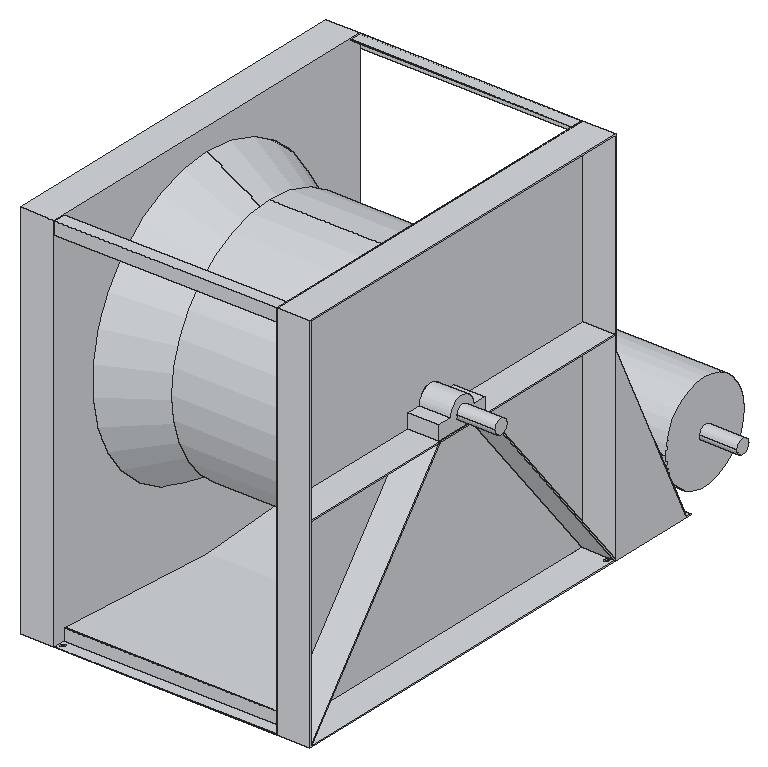
Revit family "PLC_ARR_3S", category Mechanical Equipment, Revit 2019
Family settings
  Round Connector Dimension = Use Diameter
  Part Type = Normal
  Work Plane-Based = No
  Always vertical = Yes
  Cut with Voids When Loaded = No
  Shared = No
  Room Calculation Point = No
Parameters (values of type "730_PLC_CLASS_2_3S")
  Unit Weight [instance] = ""
  Sones [instance] = ""
  P = 0' - 1 1/2"
  N = 5' - 8 1/2"
  ModelID [instance] = ""
  MOTOR_HEIGHT = 1' - 11 1/2"
  MOTOR_BASE = 1' - 10"
  MH/2 = MOTOR_HEIGHT / 2  # 0' - 11 3/4"
  MB/2 = MOTOR_BASE / 2  # 0' - 11"
  M*2 = M * 2  # 0' - 6 7/8"
  L/2 = L / 2  # 0' - 0 17/32"
  K-F = K - F  # 0' - 9 1/8"
  Accessories [instance] = ""
  -F/2 = -F / 2  # -2' - 10 7/8"
  F-H-H = F - H - H  # 4' - 5 1/2"
  Motor RPM [instance] = ""
  Motor Enclosure [instance] = ""
  M/2 = M / 2  # 0' - 1 23/32"
  M = 0' - 3 7/16"
  LwA [instance] = ""
  L = 0' - 1 1/16"
  K = 6' - 6 7/8"
  J = 0' - 9 1/4"
  H-.125" = H - 0' 0 1/8"  # 0' - 8"
  H = 0' - 8 1/8"
  G = 4' - 11 3/8"
  Fan RPM [instance] = ""
  F = 5' - 9 3/4"
  E = 3' - 8 11/16"
  D = B / 2  # 3' - 10"
  C/2 = C / 2  # 2' - 2 1/8"
  C-M = C - M  # 4' - 0 13/16"
  C*.66 = C * 0.66  # 2' - 10.485"
  C*.2 = C * 0.3  # 1' - 3.675"
  C = 4' - 4 1/4"
  B/2 = B / 2  # 3' - 10"
  B = 7' - 8"
  A/2 = A / 2  # 3' - 10"
  A = 7' - 8"
  60 = 60.00°  # constant formula
  3" = 0' - 3"  # constant formula
  Brake Hp [instance] = ""
  4" = 0' - 4"  # constant formula
  25 = 25.00°  # constant formula
  2' = 2' - 0"
  2" = 0' - 2"  # constant formula
  120 = 90.00°
  1" = 0' - 1"  # constant formula
  0 = 0' - 0"  # constant formula
  Voltage [instance] = 0 V
  URL = "www.lorencook.com"
  Type Comments = "Centrifugal Plenum Fan Side Mount Arrangement 3S Class 2"
  Static Pressure [instance] = 0.00 in-wg
  Power [instance] = Voltage * Motor FLA * sqrt(if(Phase = 3, 3, 1))  # 0 VA
  Phase [instance] = 0
  Number of Poles [instance] = 1
  Motor Hp [instance] = "0"
  Motor FLA [instance] = 0 A
  Model = "PLC Arrangement 3S"  # constant formula
  Manufacturer = "Loren Cook Company"
  CFM [instance] = 0 CFM
  1.5 = 0' - 1 1/2"  # constant formula
  ONE EIGTH = 0' - 0 1/8"  # constant formula
  -H+.375" = -H + 0' 0 3/8"  # -0' - 7 3/4"
  -F = -F  # -5' - 9 3/4"
  -(H-.125") = -(H - 0' 0 1/8")  # -0' - 8"
Types (41): name | P | N | MOTOR_HEIGHT | MOTOR_BASE | MH/2 | MB/2 | M*2 | L/2 | K-F | -F/2 | F-H-H | M/2 | M | L | K | J | H-.125" | H | G | F | E | D | C/2 | C-M | C*.66 | C*.2 | C | B/2 | B | A/2 | A | Type Comments | -H+.375" | -F | -(H-.125")
  (no name) | 0' - 1 1/2" | 5' - 8 1/2" | 1' - 11 1/2" | 1' - 10" | 0' - 11 3/4" | 0' - 11" | 0' - 6 7/8" | 0' - 0 17/32" | 0' - 9 1/8" | -2' - 10 7/8" | 4' - 5 1/2" | 0' - 1 23/32" | 0' - 3 7/16" | 0' - 1 1/16" | 6' - 6 7/8" | 0' - 9 1/4" | 0' - 8" | 0' - 8 1/8" | 4' - 11 3/8" | 5' - 9 3/4" | 3' - 8 11/16" | 3' - 10" | 2' - 2 1/8" | 4' - 0 13/16" | 2' - 10.485" | 1' - 3.675" | 4' - 4 1/4" | 3' - 10" | 7' - 8" | 3' - 10" | 7' - 8" | "Centrifugal Plenum Fan Side Mount Arrangement 3S Class 2" | -0' - 7 3/4" | -5' - 9 3/4" | -0' - 8"
  120_PLC_CLASS_1_3S | 0' - 0 5/8" | 1' - 4 3/4" | 0' - 10 1/2" | 0' - 10 1/2" | 0' - 5 1/4" | 0' - 5 1/4" | 0' - 2 3/8" | 0' - 0 5/16" | 0' - 3 7/8" | -0' - 6 17/32" | 0' - 9 7/16" | 0' - 0 19/32" | 0' - 1 3/16" | 0' - 0 5/8" | 1' - 4 15/16" | 0' - 2 13/16" | 0' - 1 11/16" | 0' - 1 13/16" | 0' - 7 7/16" | 1' - 1 1/16" | 0' - 7 11/16" | 0' - 8 5/8" | 0' - 4 5/16" | 0' - 7 7/16" | 0' - 5.6925" | 0' - 2.5875" | 0' - 8 5/8" | 0' - 8 5/8" | 1' - 5 1/4" | 0' - 8 5/8" | 1' - 5 1/4" | "Centrifugal Plenum Fan Side Mount Arrangement 3S Class 1" | -0' - 1 7/16" | -1' - 1 1/16" | -0' - 1 11/16"
  135_PLC_CLASS_1_3S | 0' - 0 5/8" | 1' - 6 5/8" | 0' - 10 1/2" | 0' - 10 1/2" | 0' - 5 1/4" | 0' - 5 1/4" | 0' - 2 3/8" | 0' - 0 5/16" | 0' - 3 7/8" | -0' - 7 5/16" | 0' - 10 1/2" | 0' - 0 19/32" | 0' - 1 3/16" | 0' - 0 5/8" | 1' - 6 1/2" | 0' - 3 1/16" | 0' - 1 15/16" | 0' - 2 1/16" | 0' - 8 1/2" | 1' - 2 5/8" | 0' - 8 13/16" | 0' - 9 3/4" | 0' - 4 7/8" | 0' - 8 9/16" | 0' - 6.435" | 0' - 2.925" | 0' - 9 3/4" | 0' - 9 3/4" | 1' - 7 1/2" | 0' - 9 3/4" | 1' - 7 1/2" | "Centrifugal Plenum Fan Side Mount Arrangement 3S Class 1" | -0' - 1 11/16" | -1' - 2 5/8" | -0' - 1 15/16"
  150_PLC_CLASS_1_3S | 0' - 0 5/8" | 1' - 8 1/8" | 0' - 10 1/2" | 0' - 10 1/2" | 0' - 5 1/4" | 0' - 5 1/4" | 0' - 2 3/8" | 0' - 0 5/16" | 0' - 3 7/8" | -0' - 7 25/32" | 0' - 11 7/16" | 0' - 0 19/32" | 0' - 1 3/16" | 0' - 0 5/8" | 1' - 7 7/16" | 0' - 3 1/16" | 0' - 1 15/16" | 0' - 2 1/16" | 0' - 9 7/16" | 1' - 3 9/16" | 0' - 9 13/16" | 0' - 10 3/4" | 0' - 5 3/8" | 0' - 9 9/16" | 0' - 7.095" | 0' - 3.225" | 0' - 10 3/4" | 0' - 10 3/4" | 1' - 9 1/2" | 0' - 10 3/4" | 1' - 9 1/2" | "Centrifugal Plenum Fan Side Mount Arrangement 3S Class 1" | -0' - 1 11/16" | -1' - 3 9/16" | -0' - 1 15/16"
  165_PLC_CLASS_1_3S | 0' - 0 5/8" | 1' - 9 3/4" | 0' - 10 1/2" | 0' - 10 1/2" | 0' - 5 1/4" | 0' - 5 1/4" | 0' - 2 3/8" | 0' - 0 5/16" | 0' - 3 7/8" | -0' - 8 3/8" | 1' - 0 5/8" | 0' - 0 19/32" | 0' - 1 3/16" | 0' - 0 5/8" | 1' - 8 5/8" | 0' - 3 1/16" | 0' - 1 15/16" | 0' - 2 1/16" | 0' - 10 5/8" | 1' - 4 3/4" | 0' - 10 15/16" | 0' - 11 7/8" | 0' - 5 15/16" | 0' - 10 11/16" | 0' - 7.8375" | 0' - 3 9/16" | 0' - 11 7/8" | 0' - 11 7/8" | 1' - 11 3/4" | 0' - 11 7/8" | 1' - 11 3/4" | "Centrifugal Plenum Fan Side Mount Arrangement 3S Class 1" | -0' - 1 11/16" | -1' - 4 3/4" | -0' - 1 15/16"
  180_PLC_CLASS_1_3S | 0' - 0 5/8" | 1' - 11 1/4" | 0' - 10 1/2" | 0' - 10 1/2" | 0' - 5 1/4" | 0' - 5 1/4" | 0' - 2 7/8" | 0' - 0 5/16" | 0' - 4 1/8" | -0' - 9 15/16" | 1' - 1 3/4" | 0' - 0 23/32" | 0' - 1 7/16" | 0' - 0 5/8" | 2' - 0" | 0' - 4 1/16" | 0' - 2 15/16" | 0' - 3 1/16" | 0' - 11 3/4" | 1' - 7 7/8" | 1' - 0" | 1' - 0 7/8" | 0' - 6 7/16" | 0' - 11 7/16" | 0' - 8.4975" | 0' - 3.8625" | 1' - 0 7/8" | 1' - 0 7/8" | 2' - 1 3/4" | 1' - 0 7/8" | 2' - 1 3/4" | "Centrifugal Plenum Fan Side Mount Arrangement 3S Class 1" | -0' - 2 11/16" | -1' - 7 7/8" | -0' - 2 15/16"
  195_PLC_CLASS_1_3S | 0' - 0 5/8" | 2' - 1" | 1' - 0 5/8" | 1' - 0 5/8" | 0' - 6 5/16" | 0' - 6 5/16" | 0' - 2 7/8" | 0' - 0 5/16" | 0' - 4 1/8" | -0' - 10 1/2" | 1' - 2 7/8" | 0' - 0 23/32" | 0' - 1 7/16" | 0' - 0 5/8" | 2' - 1 1/8" | 0' - 4 1/16" | 0' - 2 15/16" | 0' - 3 1/16" | 1' - 0 7/8" | 1' - 9" | 1' - 1 1/8" | 1' - 2" | 0' - 7" | 1' - 0 9/16" | 0' - 9.24" | 0' - 4.2" | 1' - 2" | 1' - 2" | 2' - 4" | 1' - 2" | 2' - 4" | "Centrifugal Plenum Fan Side Mount Arrangement 3S Class 1" | -0' - 2 11/16" | -1' - 9" | -0' - 2 15/16"
  210_PLC_CLASS_1_3S | 0' - 1" | 2' - 2 1/2" | 1' - 0 5/8" | 1' - 0 5/8" | 0' - 6 5/16" | 0' - 6 5/16" | 0' - 2 7/8" | 0' - 0 5/16" | 0' - 4 1/8" | -0' - 11 1/32" | 1' - 3 15/16" | 0' - 0 23/32" | 0' - 1 7/16" | 0' - 0 5/8" | 2' - 2 3/16" | 0' - 4 1/16" | 0' - 2 15/16" | 0' - 3 1/16" | 1' - 1 15/16" | 1' - 10 1/16" | 1' - 2 1/8" | 1' - 3" | 0' - 7 1/2" | 1' - 1 9/16" | 0' - 9.9" | 0' - 4 1/2" | 1' - 3" | 1' - 3" | 2' - 6" | 1' - 3" | 2' - 6" | "Centrifugal Plenum Fan Side Mount Arrangement 3S Class 1" | -0' - 2 11/16" | -1' - 10 1/16" | -0' - 2 15/16"
  225_PLC_CLASS_1_3S | 0' - 1" | 2' - 4 1/8" | 1' - 0 5/8" | 1' - 0 5/8" | 0' - 6 5/16" | 0' - 6 5/16" | 0' - 2 7/8" | 0' - 0 5/16" | 0' - 4 1/8" | -0' - 11 17/32" | 1' - 4 15/16" | 0' - 0 23/32" | 0' - 1 7/16" | 0' - 0 5/8" | 2' - 3 3/16" | 0' - 4 1/16" | 0' - 2 15/16" | 0' - 3 1/16" | 1' - 2 15/16" | 1' - 11 1/16" | 1' - 3 5/16" | 1' - 4 1/8" | 0' - 8 1/16" | 1' - 2 11/16" | 0' - 10.6425" | 0' - 4.8375" | 1' - 4 1/8" | 1' - 4 1/8" | 2' - 8 1/4" | 1' - 4 1/8" | 2' - 8 1/4" | "Centrifugal Plenum Fan Side Mount Arrangement 3S Class 1" | -0' - 2 11/16" | -1' - 11 1/16" | -0' - 2 15/16"
  245_PLC_CLASS_1_3S | 0' - 1" | 2' - 6 1/8" | 1' - 0 5/8" | 1' - 0 5/8" | 0' - 6 5/16" | 0' - 6 5/16" | 0' - 2 7/8" | 0' - 0 5/16" | 0' - 4 1/4" | -1' - 0 1/4" | 1' - 6 3/8" | 0' - 0 23/32" | 0' - 1 7/16" | 0' - 0 5/8" | 2' - 4 3/4" | 0' - 4 5/16" | 0' - 2 15/16" | 0' - 3 1/16" | 1' - 3 7/8" | 2' - 0 1/2" | 1' - 4 7/16" | 1' - 5 1/2" | 0' - 8 3/4" | 1' - 4 1/16" | 0' - 11.55" | 0' - 5 1/4" | 1' - 5 1/2" | 1' - 5 1/2" | 2' - 11" | 1' - 5 1/2" | 2' - 11" | "Centrifugal Plenum Fan Side Mount Arrangement 3S Class 1" | -0' - 2 11/16" | -2' - 0 1/2" | -0' - 2 15/16"
  270_PLC_CLASS_1_3S | 0' - 1" | 2' - 10 1/2" | 1' - 2" | 1' - 2" | 0' - 7" | 0' - 7" | 0' - 2 7/8" | 0' - 0 5/16" | 0' - 4 1/4" | -1' - 1 23/32" | 1' - 8 5/16" | 0' - 0 23/32" | 0' - 1 7/16" | 0' - 0 5/8" | 2' - 7 11/16" | 0' - 4 13/16" | 0' - 3 7/16" | 0' - 3 9/16" | 1' - 5 13/16" | 2' - 3 7/16" | 1' - 6 5/16" | 1' - 7 3/8" | 0' - 9 11/16" | 1' - 5 15/16" | 1' - 0.7875" | 0' - 5 13/16" | 1' - 7 3/8" | 1' - 7 3/8" | 3' - 2 3/4" | 1' - 7 3/8" | 3' - 2 3/4" | "Centrifugal Plenum Fan Side Mount Arrangement 3S Class 1" | -0' - 3 3/16" | -2' - 3 7/16" | -0' - 3 7/16"
  300_PLC_CLASS_1_3S | 0' - 1" | 2' - 11 5/8" | 1' - 2" | 1' - 2" | 0' - 7" | 0' - 7" | 0' - 3 3/8" | 0' - 0 5/16" | 0' - 4 3/8" | -1' - 2 3/4" | 1' - 10 3/8" | 0' - 0 27/32" | 0' - 1 11/16" | 0' - 0 5/8" | 2' - 9 7/8" | 0' - 5 1/16" | 0' - 3 7/16" | 0' - 3 9/16" | 1' - 7 3/8" | 2' - 5 1/2" | 1' - 8 3/16" | 1' - 9 1/2" | 0' - 10 3/4" | 1' - 7 13/16" | 1' - 2.19" | 0' - 6.45" | 1' - 9 1/2" | 1' - 9 1/2" | 3' - 7" | 1' - 9 1/2" | 3' - 7" | "Centrifugal Plenum Fan Side Mount Arrangement 3S Class 1" | -0' - 3 3/16" | -2' - 5 1/2" | -0' - 3 7/16"
  330_PLC_CLASS_1_3S | 0' - 1" | 3' - 1 5/8" | 1' - 0 5/8" | 1' - 0 5/8" | 0' - 6 5/16" | 0' - 6 5/16" | 0' - 3 7/8" | 0' - 0 15/32" | 0' - 4 5/8" | -1' - 4 3/32" | 2' - 1 1/16" | 0' - 0 31/32" | 0' - 1 15/16" | 0' - 0 15/16" | 3' - 0 13/16" | 0' - 4 11/16" | 0' - 3 7/16" | 0' - 3 9/16" | 2' - 2 3/8" | 2' - 8 3/16" | 1' - 10 5/16" | 1' - 11" | 0' - 11 13/16" | 1' - 9 11/16" | 1' - 3.5925" | 0' - 7.0875" | 1' - 11 5/8" | 1' - 11" | 3' - 10" | 2' - 0 3/4" | 4' - 1 1/2" | "Centrifugal Plenum Fan Side Mount Arrangement 3S Class 1" | -0' - 3 3/16" | -2' - 8 3/16" | -0' - 3 7/16"
  365_PLC_CLASS_1_3S | 0' - 1" | 3' - 4" | 1' - 0 5/8" | 1' - 0 5/8" | 0' - 6 5/16" | 0' - 6 5/16" | 0' - 3 7/8" | 0' - 0 15/32" | 0' - 4 3/4" | -1' - 5 9/32" | 2' - 3 7/16" | 0' - 0 31/32" | 0' - 1 15/16" | 0' - 0 15/16" | 3' - 3 5/16" | 0' - 4 11/16" | 0' - 3 7/16" | 0' - 3 9/16" | 2' - 4 3/4" | 2' - 10 9/16" | 1' - 11 13/16" | 2' - 0 1/2" | 1' - 1 1/16" | 2' - 0 3/16" | 1' - 5.2425" | 0' - 7.8375" | 2' - 2 1/8" | 2' - 0 1/2" | 4' - 1" | 2' - 2 3/4" | 4' - 5 1/2" | "Centrifugal Plenum Fan Side Mount Arrangement 3S Class 1" | -0' - 3 3/16" | -2' - 10 9/16" | -0' - 3 7/16"
  402_PLC_CLASS_1_3S | 0' - 1" | 3' - 7 7/8" | 1' - 2" | 1' - 2" | 0' - 7" | 0' - 7" | 0' - 4 7/8" | 0' - 0 15/32" | 0' - 5" | -1' - 7 23/32" | 2' - 6 5/16" | 0' - 1 7/32" | 0' - 2 7/16" | 0' - 0 15/16" | 3' - 8 7/16" | 0' - 5 11/16" | 0' - 4 7/16" | 0' - 4 9/16" | 2' - 8 5/8" | 3' - 3 7/16" | 2' - 2 1/4" | 2' - 3" | 1' - 2 3/8" | 2' - 2 5/16" | 1' - 6.975" | 0' - 8 5/8" | 2' - 4 3/4" | 2' - 3" | 4' - 6" | 2' - 6" | 5' - 0" | "Centrifugal Plenum Fan Side Mount Arrangement 3S Class 1" | -0' - 4 3/16" | -3' - 3 7/16" | -0' - 4 7/16"
  445_PLC_CLASS_1_3S | 0' - 1" | 3' - 11 1/8" | 1' - 4" | 1' - 4" | 0' - 8" | 0' - 8" | 0' - 4 7/8" | 0' - 0 15/32" | 0' - 5 1/8" | -1' - 9 1/2" | 2' - 8 7/8" | 0' - 1 7/32" | 0' - 2 7/16" | 0' - 0 15/16" | 4' - 0 1/8" | 0' - 6 1/4" | 0' - 4 15/16" | 0' - 5 1/16" | 2' - 11 5/8" | 3' - 7" | 2' - 4 1/2" | 2' - 5 1/4" | 1' - 3 15/16" | 2' - 5 7/16" | 1' - 9.0375" | 0' - 9 9/16" | 2' - 7 7/8" | 2' - 5 1/4" | 4' - 10 1/2" | 2' - 8" | 5' - 4" | "Centrifugal Plenum Fan Side Mount Arrangement 3S Class 1" | -0' - 4 11/16" | -3' - 7" | -0' - 4 15/16"
  490_PLC_CLASS_1_3S | 0' - 1" | 4' - 2 3/8" | 1' - 4" | 1' - 4" | 0' - 8" | 0' - 8" | 0' - 4 7/8" | 0' - 0 15/32" | 0' - 5 3/8" | -1' - 11 5/8" | 3' - 1 1/8" | 0' - 1 7/32" | 0' - 2 7/16" | 0' - 0 15/16" | 4' - 4 5/8" | 0' - 6 1/4" | 0' - 4 15/16" | 0' - 5 1/16" | 3' - 3 7/8" | 3' - 11 1/4" | 2' - 6 5/8" | 2' - 7 1/2" | 1' - 5 1/2" | 2' - 8 9/16" | 1' - 11.1" | 0' - 10 1/2" | 2' - 11" | 2' - 7 1/2" | 5' - 3" | 2' - 11" | 5' - 10" | "Centrifugal Plenum Fan Side Mount Arrangement 3S Class 1" | -0' - 4 11/16" | -3' - 11 1/4" | -0' - 4 15/16"
  540_PLC_CLASS_1_3S | 0' - 1 1/4" | 4' - 6 1/4" | 1' - 4" | 1' - 4" | 0' - 8" | 0' - 8" | 0' - 4 7/8" | 0' - 0 17/32" | 0' - 5 5/8" | -2' - 1 7/16" | 3' - 4 5/8" | 0' - 1 7/32" | 0' - 2 7/16" | 0' - 1 1/16" | 4' - 8 1/2" | 0' - 6 1/4" | 0' - 5" | 0' - 5 1/8" | 3' - 7 1/2" | 4' - 2 7/8" | 2' - 9 5/8" | 2' - 10 1/2" | 1' - 7 5/16" | 3' - 0 3/16" | 2' - 1.4925" | 0' - 11.5875" | 3' - 2 5/8" | 2' - 10 1/2" | 5' - 9" | 3' - 1 1/2" | 6' - 3" | "Centrifugal Plenum Fan Side Mount Arrangement 3S Class 1" | -0' - 4 3/4" | -4' - 2 7/8" | -0' - 5"
  600_PLC_CLASS_1_3S | 0' - 1 1/4" | 4' - 9 7/8" | 1' - 6" | 1' - 6" | 0' - 9" | 0' - 9" | 0' - 5 3/8" | 0' - 0 17/32" | 0' - 4" | -2' - 5 1/8" | 3' - 10" | 0' - 1 11/32" | 0' - 2 11/16" | 0' - 1 1/16" | 5' - 2 1/4" | 0' - 7 1/4" | 0' - 6" | 0' - 6 1/8" | 3' - 11 7/8" | 4' - 10 1/4" | 3' - 0 5/8" | 3' - 1 1/2" | 1' - 9 7/16" | 3' - 4 3/16" | 2' - 4.2975" | 1' - 0.8625" | 3' - 6 7/8" | 3' - 1 1/2" | 6' - 3" | 3' - 5" | 6' - 10" | "Centrifugal Plenum Fan Side Mount Arrangement 3S Class 1" | -0' - 5 3/4" | -4' - 10 1/4" | -0' - 6"
  660_PLC_CLASS_1_3S | 0' - 1 1/2" | 5' - 2 7/8" | 1' - 6" | 1' - 6" | 0' - 9" | 0' - 9" | 0' - 5 7/8" | 0' - 0 17/32" | 0' - 6 5/8" | -2' - 7 27/32" | 4' - 1 7/16" | 0' - 1 15/32" | 0' - 2 15/16" | 0' - 1 1/16" | 5' - 10 5/16" | 0' - 8 1/4" | 0' - 7" | 0' - 7 1/8" | 4' - 6 5/16" | 5' - 3 11/16" | 3' - 4" | 3' - 5" | 1' - 11 5/8" | 3' - 8 5/16" | 2' - 7.185" | 1' - 2.175" | 3' - 11 1/4" | 3' - 5" | 6' - 10" | 3' - 9" | 7' - 6" | "Centrifugal Plenum Fan Side Mount Arrangement 3S Class 1" | -0' - 6 3/4" | -5' - 3 11/16" | -0' - 7"
  730_PLC_CLASS_1_3S | 0' - 1 1/2" | 5' - 8 1/2" | 1' - 11 1/2" | 1' - 10" | 0' - 11 3/4" | 0' - 11" | 0' - 6 7/8" | 0' - 0 17/32" | 0' - 7 1/4" | -2' - 10 27/32" | 4' - 5 7/16" | 0' - 1 23/32" | 0' - 3 7/16" | 0' - 1 1/16" | 6' - 4 15/16" | 0' - 9 1/4" | 0' - 8" | 0' - 8 1/8" | 4' - 11 5/16" | 5' - 9 11/16" | 3' - 9" | 3' - 10" | 2' - 2 1/8" | 4' - 0 13/16" | 2' - 10.485" | 1' - 3.675" | 4' - 4 1/4" | 3' - 10" | 7' - 8" | 3' - 10" | 7' - 8" | "Centrifugal Plenum Fan Side Mount Arrangement 3S Class 1" | -0' - 7 3/4" | -5' - 9 11/16" | -0' - 8"
  120_PLC_CLASS_2_3S | 0' - 0 5/8" | 1' - 4 3/4" | 0' - 10 1/2" | 0' - 10 1/2" | 0' - 5 1/4" | 0' - 5 1/4" | 0' - 2 7/8" | 0' - 0 5/16" | 0' - 4 1/4" | -0' - 6 17/32" | 0' - 9 7/16" | 0' - 0 23/32" | 0' - 1 7/16" | 0' - 0 5/8" | 1' - 5 5/16" | 0' - 2 13/16" | 0' - 1 11/16" | 0' - 1 13/16" | 0' - 7 7/16" | 1' - 1 1/16" | 0' - 7 11/16" | 0' - 8 5/8" | 0' - 4 5/16" | 0' - 7 3/16" | 0' - 5.6925" | 0' - 2.5875" | 0' - 8 5/8" | 0' - 8 5/8" | 1' - 5 1/4" | 0' - 8 5/8" | 1' - 5 1/4" | "Centrifugal Plenum Fan Side Mount Arrangement 3S Class 2" | -0' - 1 7/16" | -1' - 1 1/16" | -0' - 1 11/16"
  135_PLC_CLASS_2_3S | 0' - 0 5/8" | 1' - 6 5/8" | 0' - 10 1/2" | 0' - 10 1/2" | 0' - 5 1/4" | 0' - 5 1/4" | 0' - 2 7/8" | 0' - 0 5/16" | 0' - 4 1/4" | -0' - 7 5/16" | 0' - 10 1/2" | 0' - 0 23/32" | 0' - 1 7/16" | 0' - 0 5/8" | 1' - 6 7/8" | 0' - 3 1/16" | 0' - 1 15/16" | 0' - 2 1/16" | 0' - 8 1/2" | 1' - 2 5/8" | 0' - 8 13/16" | 0' - 9 3/4" | 0' - 4 7/8" | 0' - 8 5/16" | 0' - 6.435" | 0' - 2.925" | 0' - 9 3/4" | 0' - 9 3/4" | 1' - 7 1/2" | 0' - 9 3/4" | 1' - 7 1/2" | "Centrifugal Plenum Fan Side Mount Arrangement 3S Class 2" | -0' - 1 11/16" | -1' - 2 5/8" | -0' - 1 15/16"
  150_PLC_CLASS_2_3S | 0' - 0 5/8" | 1' - 8 1/8" | 0' - 10 1/2" | 0' - 10 1/2" | 0' - 5 1/4" | 0' - 5 1/4" | 0' - 2 7/8" | 0' - 0 5/16" | 0' - 4 1/4" | -0' - 7 25/32" | 0' - 11 7/16" | 0' - 0 23/32" | 0' - 1 7/16" | 0' - 0 5/8" | 1' - 7 13/16" | 0' - 3 1/16" | 0' - 1 15/16" | 0' - 2 1/16" | 0' - 9 7/16" | 1' - 3 9/16" | 0' - 9 13/16" | 0' - 10 3/4" | 0' - 5 3/8" | 0' - 9 5/16" | 0' - 7.095" | 0' - 3.225" | 0' - 10 3/4" | 0' - 10 3/4" | 1' - 9 1/2" | 0' - 10 3/4" | 1' - 9 1/2" | "Centrifugal Plenum Fan Side Mount Arrangement 3S Class 2" | -0' - 1 11/16" | -1' - 3 9/16" | -0' - 1 15/16"
  165_PLC_CLASS_2_3S | 0' - 0 5/8" | 1' - 9 3/4" | 0' - 10 1/2" | 0' - 10 1/2" | 0' - 5 1/4" | 0' - 5 1/4" | 0' - 2 7/8" | 0' - 0 5/16" | 0' - 4 1/4" | -0' - 8 3/8" | 1' - 0 5/8" | 0' - 0 23/32" | 0' - 1 7/16" | 0' - 0 5/8" | 1' - 9" | 0' - 3 1/16" | 0' - 1 15/16" | 0' - 2 1/16" | 0' - 10 5/8" | 1' - 4 3/4" | 0' - 10 15/16" | 0' - 11 7/8" | 0' - 5 15/16" | 0' - 10 7/16" | 0' - 7.8375" | 0' - 3 9/16" | 0' - 11 7/8" | 0' - 11 7/8" | 1' - 11 3/4" | 0' - 11 7/8" | 1' - 11 3/4" | "Centrifugal Plenum Fan Side Mount Arrangement 3S Class 2" | -0' - 1 11/16" | -1' - 4 3/4" | -0' - 1 15/16"
  180_PLC_CLASS_2_3S | 0' - 0 5/8" | 1' - 11 1/4" | 0' - 10 1/2" | 0' - 10 1/2" | 0' - 5 1/4" | 0' - 5 1/4" | 0' - 2 7/8" | 0' - 0 5/16" | 0' - 4 1/4" | -0' - 9 15/16" | 1' - 1 3/4" | 0' - 0 23/32" | 0' - 1 7/16" | 0' - 0 5/8" | 2' - 0 1/8" | 0' - 4 1/16" | 0' - 2 15/16" | 0' - 3 1/16" | 0' - 11 3/4" | 1' - 7 7/8" | 1' - 0" | 1' - 0 7/8" | 0' - 6 7/16" | 0' - 11 7/16" | 0' - 8.4975" | 0' - 3.8625" | 1' - 0 7/8" | 1' - 0 7/8" | 2' - 1 3/4" | 1' - 0 7/8" | 2' - 1 3/4" | "Centrifugal Plenum Fan Side Mount Arrangement 3S Class 2" | -0' - 2 11/16" | -1' - 7 7/8" | -0' - 2 15/16"
  195_PLC_CLASS_2_3S | 0' - 0 5/8" | 2' - 1" | 1' - 0 5/8" | 1' - 0 5/8" | 0' - 6 5/16" | 0' - 6 5/16" | 0' - 2 7/8" | 0' - 0 5/16" | 0' - 4 1/4" | -0' - 10 1/2" | 1' - 2 7/8" | 0' - 0 23/32" | 0' - 1 7/16" | 0' - 0 5/8" | 2' - 1 1/4" | 0' - 4 1/16" | 0' - 2 15/16" | 0' - 3 1/16" | 1' - 0 7/8" | 1' - 9" | 1' - 1 1/8" | 1' - 2" | 0' - 7" | 1' - 0 9/16" | 0' - 9.24" | 0' - 4.2" | 1' - 2" | 1' - 2" | 2' - 4" | 1' - 2" | 2' - 4" | "Centrifugal Plenum Fan Side Mount Arrangement 3S Class 2" | -0' - 2 11/16" | -1' - 9" | -0' - 2 15/16"
  210_PLC_CLASS_2_3S | 0' - 1" | 2' - 2 1/2" | 1' - 0 5/8" | 1' - 0 5/8" | 0' - 6 5/16" | 0' - 6 5/16" | 0' - 2 7/8" | 0' - 0 5/16" | 0' - 4 3/8" | -0' - 11 1/32" | 1' - 3 15/16" | 0' - 0 23/32" | 0' - 1 7/16" | 0' - 0 5/8" | 2' - 2 7/16" | 0' - 4 1/16" | 0' - 2 15/16" | 0' - 3 1/16" | 1' - 1 15/16" | 1' - 10 1/16" | 1' - 2 1/8" | 1' - 3" | 0' - 7 1/2" | 1' - 1 9/16" | 0' - 9.9" | 0' - 4 1/2" | 1' - 3" | 1' - 3" | 2' - 6" | 1' - 3" | 2' - 6" | "Centrifugal Plenum Fan Side Mount Arrangement 3S Class 2" | -0' - 2 11/16" | -1' - 10 1/16" | -0' - 2 15/16"
  225_PLC_CLASS_2_3S | 0' - 1" | 2' - 4 1/8" | 1' - 0 5/8" | 1' - 0 5/8" | 0' - 6 5/16" | 0' - 6 5/16" | 0' - 3 3/8" | 0' - 0 5/16" | 0' - 4 3/8" | -0' - 11 17/32" | 1' - 4 15/16" | 0' - 0 27/32" | 0' - 1 11/16" | 0' - 0 5/8" | 2' - 3 7/16" | 0' - 4 1/16" | 0' - 2 15/16" | 0' - 3 1/16" | 1' - 2 15/16" | 1' - 11 1/16" | 1' - 3 5/16" | 1' - 4 1/8" | 0' - 8 1/16" | 1' - 2 7/16" | 0' - 10.6425" | 0' - 4.8375" | 1' - 4 1/8" | 1' - 4 1/8" | 2' - 8 1/4" | 1' - 4 1/8" | 2' - 8 1/4" | "Centrifugal Plenum Fan Side Mount Arrangement 3S Class 2" | -0' - 2 11/16" | -1' - 11 1/16" | -0' - 2 15/16"
  245_PLC_CLASS_2_3S | 0' - 1" | 2' - 6 1/8" | 1' - 0 5/8" | 1' - 0 5/8" | 0' - 6 5/16" | 0' - 6 5/16" | 0' - 3 7/8" | 0' - 0 5/16" | 0' - 4 1/2" | -1' - 0 1/4" | 1' - 6 3/8" | 0' - 0 31/32" | 0' - 1 15/16" | 0' - 0 5/8" | 2' - 5" | 0' - 4 5/16" | 0' - 2 15/16" | 0' - 3 1/16" | 1' - 3 7/8" | 2' - 0 1/2" | 1' - 4 7/16" | 1' - 5 1/2" | 0' - 8 3/4" | 1' - 3 9/16" | 0' - 11.55" | 0' - 5 1/4" | 1' - 5 1/2" | 1' - 5 1/2" | 2' - 11" | 1' - 5 1/2" | 2' - 11" | "Centrifugal Plenum Fan Side Mount Arrangement 3S Class 2" | -0' - 2 11/16" | -2' - 0 1/2" | -0' - 2 15/16"
  270_PLC_CLASS_2_3S | 0' - 1" | 2' - 10 1/2" | 1' - 2" | 1' - 2" | 0' - 7" | 0' - 7" | 0' - 3 7/8" | 0' - 0 5/16" | 0' - 4 5/8" | -1' - 1 23/32" | 1' - 8 5/16" | 0' - 0 31/32" | 0' - 1 15/16" | 0' - 0 5/8" | 2' - 8 1/16" | 0' - 4 13/16" | 0' - 3 7/16" | 0' - 3 9/16" | 1' - 5 13/16" | 2' - 3 7/16" | 1' - 6 5/16" | 1' - 7 3/8" | 0' - 9 11/16" | 1' - 5 7/16" | 1' - 0.7875" | 0' - 5 13/16" | 1' - 7 3/8" | 1' - 7 3/8" | 3' - 2 3/4" | 1' - 7 3/8" | 3' - 2 3/4" | "Centrifugal Plenum Fan Side Mount Arrangement 3S Class 2" | -0' - 3 3/16" | -2' - 3 7/16" | -0' - 3 7/16"
  300_PLC_CLASS_2_3S | 0' - 1" | 2' - 11 5/8" | 1' - 2" | 1' - 2" | 0' - 7" | 0' - 7" | 0' - 4 3/8" | 0' - 0 5/16" | 0' - 4 3/4" | -1' - 2 3/4" | 1' - 10 3/8" | 0' - 1 3/32" | 0' - 2 3/16" | 0' - 0 5/8" | 2' - 10 1/4" | 0' - 5 1/16" | 0' - 3 7/16" | 0' - 3 9/16" | 1' - 7 3/8" | 2' - 5 1/2" | 1' - 8 3/16" | 1' - 9 1/2" | 0' - 10 3/4" | 1' - 7 5/16" | 1' - 2.19" | 0' - 6.45" | 1' - 9 1/2" | 1' - 9 1/2" | 3' - 7" | 1' - 9 1/2" | 3' - 7" | "Centrifugal Plenum Fan Side Mount Arrangement 3S Class 2" | -0' - 3 3/16" | -2' - 5 1/2" | -0' - 3 7/16"
  330_PLC_CLASS_2_3S | 0' - 1" | 3' - 1 5/8" | 1' - 4" | 1' - 4" | 0' - 8" | 0' - 8" | 0' - 4 3/8" | 0' - 0 15/32" | 0' - 4 7/8" | -1' - 5 3/32" | 2' - 1 1/16" | 0' - 1 3/32" | 0' - 2 3/16" | 0' - 0 15/16" | 3' - 3 1/16" | 0' - 5 11/16" | 0' - 4 7/16" | 0' - 4 9/16" | 2' - 3 3/8" | 2' - 10 3/16" | 1' - 10 1/4" | 1' - 11" | 0' - 11 13/16" | 1' - 9 7/16" | 1' - 3.5925" | 0' - 7.0875" | 1' - 11 5/8" | 1' - 11" | 3' - 10" | 2' - 0 3/4" | 4' - 1 1/2" | "Centrifugal Plenum Fan Side Mount Arrangement 3S Class 2" | -0' - 4 3/16" | -2' - 10 3/16" | -0' - 4 7/16"
  365_PLC_CLASS_2_3S | 0' - 1" | 3' - 4" | 1' - 4" | 1' - 4" | 0' - 8" | 0' - 8" | 0' - 4 3/8" | 0' - 0 15/32" | 0' - 5" | -1' - 6 5/16" | 2' - 3 1/2" | 0' - 1 3/32" | 0' - 2 3/16" | 0' - 0 15/16" | 3' - 5 5/8" | 0' - 5 11/16" | 0' - 4 7/16" | 0' - 4 9/16" | 2' - 5 13/16" | 3' - 0 5/8" | 1' - 11 3/4" | 2' - 0 1/2" | 1' - 1 1/16" | 1' - 11 15/16" | 1' - 5.2425" | 0' - 7.8375" | 2' - 2 1/8" | 2' - 0 1/2" | 4' - 1" | 2' - 2 3/4" | 4' - 5 1/2" | "Centrifugal Plenum Fan Side Mount Arrangement 3S Class 2" | -0' - 4 3/16" | -3' - 0 5/8" | -0' - 4 7/16"
  402_PLC_CLASS_2_3S | 0' - 1" | 3' - 7 7/8" | 1' - 4" | 1' - 4" | 0' - 8" | 0' - 8" | 0' - 4 7/8" | 0' - 0 15/32" | 0' - 3 1/2" | -1' - 8 15/32" | 2' - 6 13/16" | 0' - 1 7/32" | 0' - 2 7/16" | 0' - 0 15/16" | 3' - 8 7/16" | 0' - 5 11/16" | 0' - 4 15/16" | 0' - 5 1/16" | 2' - 9 5/8" | 3' - 4 15/16" | 2' - 2 1/8" | 2' - 3" | 1' - 2 3/8" | 2' - 2 5/16" | 1' - 6.975" | 0' - 8 5/8" | 2' - 4 3/4" | 2' - 3" | 4' - 6" | 2' - 6" | 5' - 0" | "Centrifugal Plenum Fan Side Mount Arrangement 3S Class 2" | -0' - 4 11/16" | -3' - 4 15/16" | -0' - 4 15/16"
  445_PLC_CLASS_2_3S | 0' - 1" | 3' - 11 1/8" | 1' - 6" | 1' - 6" | 0' - 9" | 0' - 9" | 0' - 4 7/8" | 0' - 0 15/32" | 0' - 5 3/4" | -1' - 10 1/2" | 2' - 8 7/8" | 0' - 1 7/32" | 0' - 2 7/16" | 0' - 0 15/16" | 4' - 2 3/4" | 0' - 7 1/4" | 0' - 5 15/16" | 0' - 6 1/16" | 3' - 0 5/8" | 3' - 9" | 2' - 4 3/8" | 2' - 5 1/4" | 1' - 3 15/16" | 2' - 5 7/16" | 1' - 9.0375" | 0' - 9 9/16" | 2' - 7 7/8" | 2' - 5 1/4" | 4' - 10 1/2" | 2' - 8" | 5' - 4" | "Centrifugal Plenum Fan Side Mount Arrangement 3S Class 2" | -0' - 5 11/16" | -3' - 9" | -0' - 5 15/16"
  490_PLC_CLASS_2_3S | 0' - 1" | 4' - 2 3/8" | 1' - 6" | 1' - 6" | 0' - 9" | 0' - 9" | 0' - 5 3/8" | 0' - 0 17/32" | 0' - 6 1/8" | -2' - 1 11/32" | 3' - 1 9/16" | 0' - 1 11/32" | 0' - 2 11/16" | 0' - 1 1/16" | 4' - 8 13/16" | 0' - 7 11/16" | 0' - 6 7/16" | 0' - 6 9/16" | 3' - 5 7/8" | 4' - 2 11/16" | 2' - 6 1/2" | 2' - 7 1/2" | 1' - 5 1/2" | 2' - 8 5/16" | 1' - 11.1" | 0' - 10 1/2" | 2' - 11" | 2' - 7 1/2" | 5' - 3" | 2' - 11" | 5' - 10" | "Centrifugal Plenum Fan Side Mount Arrangement 3S Class 2" | -0' - 6 3/16" | -4' - 2 11/16" | -0' - 6 7/16"
  540_PLC_CLASS_2_3S | 0' - 1 1/4" | 4' - 6 1/4" | 1' - 6" | 1' - 6" | 0' - 9" | 0' - 9" | 0' - 5 7/8" | 0' - 0 17/32" | 0' - 6 5/8" | -2' - 3 3/16" | 3' - 5 1/4" | 0' - 1 15/32" | 0' - 2 15/16" | 0' - 1 1/16" | 5' - 1" | 0' - 7 3/4" | 0' - 6 7/16" | 0' - 6 9/16" | 3' - 9 1/2" | 4' - 6 3/8" | 2' - 9 1/2" | 2' - 10 1/2" | 1' - 7 5/16" | 2' - 11 11/16" | 2' - 1.4925" | 0' - 11.5875" | 3' - 2 5/8" | 2' - 10 1/2" | 5' - 9" | 3' - 1 1/2" | 6' - 3" | "Centrifugal Plenum Fan Side Mount Arrangement 3S Class 2" | -0' - 6 3/16" | -4' - 6 3/8" | -0' - 6 7/16"
  600_PLC_CLASS_2_3S | 0' - 1 1/4" | 4' - 9 7/8" | 1' - 9 1/2" | 1' - 8" | 0' - 10 3/4" | 0' - 10" | 0' - 6 7/8" | 0' - 0 17/32" | 0' - 8 3/8" | -2' - 5 1/8" | 3' - 8" | 0' - 1 23/32" | 0' - 3 7/16" | 0' - 1 1/16" | 5' - 6 5/8" | 0' - 8 1/4" | 0' - 7" | 0' - 7 1/8" | 4' - 1 7/8" | 4' - 10 1/4" | 3' - 0 1/2" | 3' - 1 1/2" | 1' - 9 7/16" | 3' - 3 7/16" | 2' - 4.2975" | 1' - 0.8625" | 3' - 6 7/8" | 3' - 1 1/2" | 6' - 3" | 3' - 5" | 6' - 10" | "Centrifugal Plenum Fan Side Mount Arrangement 3S Class 2" | -0' - 6 3/4" | -4' - 10 1/4" | -0' - 7"
  660_PLC_CLASS_2_3S | 0' - 1 1/2" | 5' - 2 7/8" | 1' - 11 1/2" | 1' - 10" | 0' - 11 3/4" | 0' - 11" | 0' - 6 7/8" | 0' - 0 17/32" | 0' - 8 1/8" | -2' - 8 11/32" | 4' - 0 7/16" | 0' - 1 23/32" | 0' - 3 7/16" | 0' - 1 1/16" | 6' - 0 13/16" | 0' - 9 1/4" | 0' - 8" | 0' - 8 1/8" | 4' - 6 5/16" | 5' - 4 11/16" | 3' - 3 11/16" | 3' - 5" | 1' - 11 5/8" | 3' - 7 13/16" | 2' - 7.185" | 1' - 2.175" | 3' - 11 1/4" | 3' - 5" | 6' - 10" | 3' - 9" | 7' - 6" | "Centrifugal Plenum Fan Side Mount Arrangement 3S Class 2" | -0' - 7 3/4" | -5' - 4 11/16" | -0' - 8"
  730_PLC_CLASS_2_3S | 0' - 1 1/2" | 5' - 8 1/2" | 1' - 11 1/2" | 1' - 10" | 0' - 11 3/4" | 0' - 11" | 0' - 6 7/8" | 0' - 0 17/32" | 0' - 9 1/8" | -2' - 10 7/8" | 4' - 5 1/2" | 0' - 1 23/32" | 0' - 3 7/16" | 0' - 1 1/16" | 6' - 6 7/8" | 0' - 9 1/4" | 0' - 8" | 0' - 8 1/8" | 4' - 11 3/8" | 5' - 9 3/4" | 3' - 8 11/16" | 3' - 10" | 2' - 2 1/8" | 4' - 0 13/16" | 2' - 10.485" | 1' - 3.675" | 4' - 4 1/4" | 3' - 10" | 7' - 8" | 3' - 10" | 7' - 8" | "Centrifugal Plenum Fan Side Mount Arrangement 3S Class 2" | -0' - 7 3/4" | -5' - 9 3/4" | -0' - 8"
Reference planes (in)
  plane 1 "Center (Front/Back)": y = 0
  plane 2: z = 0
  plane 3 "Center (Left/Right)": x = 0.40541
Forms (in)
  Extrusion 1, solid
    sketch origin (0, 0, 0) x (1, 0, 0) y (0, 1, 0)
      loop
        line (0.40541, -46) -> (8.53041, -46) -> (8.53041, 46) -> (0.40541, 46) -> (0.40541, -46)
      loop
        line (62.03041, 46) -> (62.03041, -46) -> (70.15541, -46) -> (70.15541, 46) -> (62.03041, 46)
    from 0 to 92 <- "A"
  Extrusion 2, void
    sketch origin (0.40541, 0, 0) x (0, 1, 0) y (0, 0, 1)
      loop
        line (45.875, 91.875) -> (-45.875, 91.875) -> (-45.875, 0.125) -> (45.875, 0.125) -> (45.875, 91.875)
    from 0 to 8 <- "H-.125""
  Extrusion 3, void
    sketch origin (70.15541, 46, 0) x (0, 1, 0) y (0, 0, -1)
      loop
        line (-91.875, -91.875) -> (-0.125, -91.875) -> (-0.125, -0.125) -> (-91.875, -0.125) -> (-91.875, -91.875)
    from 0 to 8 <- "H-.125""
  Extrusion 4, solid
    sketch origin (70.15541, 46, 0) x (0, -1, 0) y (0, 0, -1)
      loop
        line (91.875, -48.8125) -> (91.875, -48.6875) -> (0.125, -48.6875) -> (0.125, -48.8125) -> (91.875, -48.8125)
    from 0 to -8 <- "-(H-.125")"
  Extrusion 5, solid
    sketch origin (70.15541, 46, 0) x (0, -1, 0) y (0, 0, -1)
      loop
        line (91.875, -0.125) -> (91.71494, -0.125) -> (52.875, -48.6875) -> (53.03506, -48.6875) -> (91.875, -0.125)
      loop
        line (0.125, -0.125) -> (38.96494, -48.6875) -> (39.125, -48.6875) -> (0.28506, -0.125) -> (0.125, -0.125)
    from 0 to -8 <- "-(H-.125")"
  Extrusion 6, solid
    sketch origin (0.40541, 0, 0) x (0, 1, 0) y (0, 0, 1)
      loop
        line (45.875, 48.8125) -> (-45.875, 48.8125) -> (-45.875, 48.6875) -> (45.875, 48.6875) -> (45.875, 48.8125)
    from 0 to 8 <- "H-.125""
  Extrusion 7, solid
    sketch origin (0.40541, 0, 0) x (0, 1, 0) y (0, 0, 1)
      loop
        line (45.71494, 0.125) -> (45.875, 0.125) -> (7.03506, 48.6875) -> (6.875, 48.6875) -> (45.71494, 0.125)
      loop
        line (-45.71494, 0.125) -> (-6.875, 48.6875) -> (-7.03506, 48.6875) -> (-45.875, 0.125) -> (-45.71494, 0.125)
    from 0 to 8 <- "H-.125""
  Extrusion 8, void
    sketch origin (0.40541, 0, 0) x (0, 1, 0) y (0, 0, 1)
      loop
        circle (0, 52.25) r 3.4375
    from 0 to 69.75 <- "F"
  Extrusion 9, solid
    sketch origin (0.40541, 0, 0) x (0, 1, 0) y (0, 0, 1)
      loop
        circle (0, 52.25) r 1.71875
    from 0 to 78.875 <- "K"
  Extrusion 10, solid
    sketch origin (8.53041, -46, 0) x (0, 1, 0) y (0, 0, 1)
      loop
        line (92, 92) -> (89, 92) -> (89, 91.875) -> (91.875, 91.875) -> (91.875, 89) -> (92, 89) -> (92, 92)
      loop
        line (0, 92) -> (0, 89) -> (0.125, 89) -> (0.125, 91.875) -> (3, 91.875) -> (3, 92) -> (0, 92)
    from 0 <- "0" to 53.5 <- "F-H-H"
  Extrusion 11, solid
    sketch origin (8.53041, -46, 0) x (0, 1, 0) y (0, 0, 1)
      loop
        line (3, 3) -> (2.875, 3) -> (2.875, 0.125) -> (0, 0.125) -> (0, 0) -> (3, 0) -> (3, 3)
      loop
        line (89, 3) -> (89, 0) -> (92, 0) -> (92, 0.125) -> (89.125, 0.125) -> (89.125, 3) -> (89, 3)
    from 0 to 53.5 <- "F-H-H"
  Extrusion 12, void
    sketch origin (0.40541, 0, 0) x (0, 1, 0) y (0, 0, 1)
      loop
        circle (0, 52.25) r 34.485
      loop
        circle (0, 52.25) r 3.4375
    from 8 <- "H-.125"" to 8.125 <- "H"
  Revolve 13, solid
    sketch origin (0, 0, 0) x (1, 0, 0) y (0, 0, 1)
      loop
        line (8.53041, 86.735) -> (23.01036, 78.375) -> (23.51036, 79.24103) -> (23.4021, 79.30353) -> (22.9646, 78.54575) -> (8.53041, 86.87934) -> (8.53041, 86.735)
      axis (8.53041, 52.25) -> (23.51036, 52.25)
    angle from 0 to 360
  Revolve 14, solid
    sketch origin (0, 0, 0) x (1, 0, 0) y (0, 0, 1)
      loop
        line (23.63536, 81.67075) -> (23.63536, 78.42075) -> (22.51036, 78.42075) -> (22.51036, 53.96875) -> (60.53041, 53.96875) -> (60.53041, 81.67075) -> (23.63536, 81.67075)
      axis (22.51036, 52.25) -> (60.53041, 52.25)
    angle from 0 to 360
  Extrusion 15, solid
    sketch origin (0.40541, 0, 0) x (0, -1, 0) y (0, 0, 1)
      loop
        line (-6.875, 52.25) -> (-6.875, 48.8125) -> (6.875, 48.8125) -> (6.875, 52.25) -> (3.4375, 52.25)
        arc (3.4375, 52.25) -> (0, 55.6875) -> (-3.4375, 52.25) r 3.4375
        line (-3.4375, 52.25) -> (-6.875, 52.25)
    from -0.25 to -7.75 <- "-H+.375""
  Extrusion 16, solid
    sketch origin (70.15541, 46, 0) x (0, -1, 0) y (0, 0, -1)
      loop
        line (52.875, -52.25) -> (52.875, -48.8125) -> (39.125, -48.8125) -> (39.125, -52.25) -> (42.5625, -52.25)
        arc (42.5625, -52.25) -> (46, -55.6875) -> (49.4375, -52.25) r 3.4375
        line (49.4375, -52.25) -> (52.875, -52.25)
    from -0.25 to -7.75 <- "-H+.375""
  Extrusion 17, void
    sketch origin (0, 0, 0) x (1, 0, 0) y (0, 1, 0)
      loop
        circle (9.65541, 44.6875) r 0.53125
      loop
        circle (69.03041, 44.6875) r 0.53125
      loop
        circle (9.65541, -44.6875) r 0.53125
      loop
        circle (69.03041, -44.6875) r 0.53125
    from -0.125 to 0.125
  Extrusion 18, solid
    sketch origin (8.53041, -46, 0) x (0, 1, 0) y (0, 0, 1)
      loop
        arc (89, 3) -> (46, 0.125) -> (3, 3) r 323.00272
        line (3, 3) -> (3, 2.875)
        arc (3, 2.875) -> (46, 0) -> (89, 2.875) r 323.00272
        line (89, 2.875) -> (89, 3)
    from 0 to 53.5 <- "F-H-H"
  Extrusion 19, solid
    sketch origin (0.40541, 0, 0) x (0, -1, 0) y (0, 0, 1)
      loop
        line (-46, 0) -> (-46, 45.15965) -> (-67, 0.125) -> (-68.5, 0.125) -> (-68.5, 0) -> (-46, 0)
    from 0 to -69.75 <- "-F"
  Extrusion 20, solid
    sketch origin (70.15541, 0, 0) x (0, 1, 0) y (0, 0, 1)
      loop
        line (57.27978, 20.97008) -> (66.57738, 1.03131) -> (66.69067, 1.08414) -> (57.39307, 21.02291) -> (57.27978, 20.97008)
    from 0 to -34.875 <- "-F/2"
  Extrusion 21, solid
    sketch origin (70.15541, 0, 0) x (0, 1, 0) y (0, 0, 1)
      loop
        circle (72.69099, 16.01929) r 11.75
    from 0 to -34.875 <- "-F/2"
  Extrusion 22, solid
    sketch origin (70.15541, 0, 0) x (0, 1, 0) y (0, 0, 1)
      loop
        circle (72.69099, 16.01929) r 1.71875
    from 0 to 9.125 <- "K-F"
Cuts and joins
  Extrusion 2, Extrusion 3, Extrusion 8, Extrusion 12, Extrusion 17 cuts Extrusion 1
  Extrusion 8 cuts Extrusion 4
  Extrusion 8, Extrusion 12 cuts Extrusion 6
  Extrusion 12 cuts Extrusion 7
  Extrusion 12 cuts Extrusion 9
  Extrusion 12 cuts Extrusion 10
  Extrusion 12, Extrusion 17 cuts Extrusion 11
Dimensions and locks (in)
  "0": Extrusion 1 sketch curve to plane 3 "Center (Left/Right)"
  "H": plane 3 "Center (Left/Right)" to Extrusion 1 sketch curve
  "F": plane 3 "Center (Left/Right)" to Extrusion 1 sketch curve
  "H": Extrusion 1 sketch curve to Extrusion 1 sketch curve
  "D": Extrusion 1 sketch curve to plane 1 "Center (Front/Back)"  (x2)
  "D": plane 1 "Center (Front/Back)" to Extrusion 1 sketch curve  (x2)
  "ONE EIGTH": Extrusion 2 sketch curve to Extrusion 1  (x3)
  "ONE EIGTH": Extrusion 1 to Extrusion 2 sketch curve
  "ONE EIGTH": cut or joined group of Extrusion 1, Extrusion 2, Extrusion 3, Extrusion 8, Extrusion 12, Extrusion 17 to Extrusion 3 sketch curve  (x2)
  "ONE EIGTH": Extrusion 3 sketch curve to cut or joined group of Extrusion 1, Extrusion 2, Extrusion 3, Extrusion 8, Extrusion 12, Extrusion 17  (x2)
  "0": cut or joined group of Extrusion 1, Extrusion 2, Extrusion 3, Extrusion 8, Extrusion 12, Extrusion 17 to Extrusion 4 sketch curve
  "0": Extrusion 4 sketch curve to cut or joined group of Extrusion 1, Extrusion 2, Extrusion 3, Extrusion 8, Extrusion 12, Extrusion 17
  "C-M": level to Extrusion 4 sketch curve
  "ONE EIGTH": Extrusion 4 sketch curve to Extrusion 4 sketch curve
  "ONE EIGTH": Extrusion 5 sketch curve to Extrusion 5 sketch curve  (x2)
  "0": Extrusion 5 sketch curve to Extrusion 4  (x2)
  "0": cut or joined group of Extrusion 1, Extrusion 2, Extrusion 3, Extrusion 8, Extrusion 12, Extrusion 17 to Extrusion 5 sketch curve  (x2)
  "M*2": Extrusion 5 sketch curve to plane 1 "Center (Front/Back)"
  "M*2": plane 1 "Center (Front/Back)" to Extrusion 5 sketch curve
  "0": Extrusion 5 sketch curve to cut or joined group of Extrusion 1, Extrusion 2, Extrusion 3, Extrusion 8, Extrusion 12, Extrusion 17  (x2)
  "0": Extrusion 6 sketch curve to Extrusion 4  (x2)
  "0": Extrusion 6 sketch curve to cut or joined group of Extrusion 1, Extrusion 2, Extrusion 3, Extrusion 8, Extrusion 12, Extrusion 17
  "0": cut or joined group of Extrusion 1, Extrusion 2, Extrusion 3, Extrusion 8, Extrusion 12, Extrusion 17 to Extrusion 6 sketch curve
  "0": Extrusion 6 to Extrusion 7 sketch curve
  "0": Extrusion 7 sketch curve to Extrusion 6
  "0": cut or joined group of Extrusion 1, Extrusion 2, Extrusion 3, Extrusion 8, Extrusion 12, Extrusion 17 to Extrusion 7 sketch curve  (x2)
  "0": Extrusion 7 sketch curve to cut or joined group of Extrusion 1, Extrusion 2, Extrusion 3, Extrusion 8, Extrusion 12, Extrusion 17  (x2)
  "ONE EIGTH": Extrusion 7 sketch curve to Extrusion 7 sketch curve  (x2)
  "M*2": Extrusion 7 sketch curve to plane 1 "Center (Front/Back)"
  "M*2": plane 1 "Center (Front/Back)" to Extrusion 7 sketch curve
  "0": Extrusion 8 sketch curve to Extrusion 6
  "C": Extrusion 8 sketch curve to level
  "0": Extrusion 8 sketch curve to plane 1 "Center (Front/Back)"
  "C": Extrusion 9 sketch curve to level
  "0": Extrusion 9 sketch curve to plane 1 "Center (Front/Back)"
  "D": Extrusion 10 sketch curve to plane 1 "Center (Front/Back)"  (x2)
  "A": level to Extrusion 10 sketch curve  (x2)
  "3"": Extrusion 10 sketch curve to Extrusion 10 sketch curve  (x4)
  "ONE EIGTH": Extrusion 10 sketch curve to Extrusion 10 sketch curve  (x4)
  "0": level to Extrusion 11 sketch curve  (x2)
  "ONE EIGTH": Extrusion 11 sketch curve to Extrusion 11 sketch curve  (x4)
  "3"": Extrusion 11 sketch curve to Extrusion 11 sketch curve  (x4)
  "0": Extrusion 12 sketch curve to plane 1 "Center (Front/Back)"  (x2)
  "C": Extrusion 12 sketch curve to level  (x2)
  "C": Revolve 13 sketch curve to level
  "C*.66": Revolve 13 sketch curve to Revolve 13 sketch curve
  "ONE EIGTH": Revolve 13 sketch curve to Revolve 13 sketch curve  (x2)
  "1"": Revolve 13 sketch curve to Revolve 13 sketch curve
  "C/2": Revolve 13 sketch curve to Revolve 13 sketch curve
  "C": Revolve 14 sketch curve to level
  "M/2": Revolve 14 sketch curve to Revolve 14 sketch curve
  "1.5": Revolve 14 sketch curve to cut or joined group of Extrusion 1, Extrusion 2, Extrusion 3, Extrusion 8, Extrusion 12, Extrusion 17
  "ONE EIGTH": Revolve 14 sketch curve to Revolve 13
  "ONE EIGTH": Revolve 13 to Revolve 14 sketch curve
  "1"": Revolve 13 to Revolve 14 sketch curve
  "0": Extrusion 15 sketch curve to plane 1 "Center (Front/Back)"
  "C": Extrusion 15 sketch curve to level
  "M*2": Extrusion 15 sketch curve to plane 1 "Center (Front/Back)"
  "M*2": plane 1 "Center (Front/Back)" to Extrusion 15 sketch curve
  "0": Extrusion 15 sketch curve to cut or joined group of Extrusion 6, Extrusion 8, Extrusion 12
  "0": Extrusion 15 sketch curve to Extrusion 15 sketch curve
  "0": Extrusion 16 sketch curve to Extrusion 15  (x2)
  "0": Extrusion 15 to Extrusion 16 sketch curve
  "0": cut or joined group of Extrusion 4, Extrusion 8 to Extrusion 16 sketch curve
  "J": plane 3 "Center (Left/Right)" to Extrusion 17 sketch curve  (x2)
  "G": Extrusion 17 sketch curve to Extrusion 17 sketch curve  (x2)
  "E": plane 1 "Center (Front/Back)" to Extrusion 17 sketch curve  (x4)
  "D": Extrusion 11 sketch curve to plane 1 "Center (Front/Back)"
  "D": plane 1 "Center (Front/Back)" to Extrusion 11 sketch curve
  "0": cut or joined group of Extrusion 1, Extrusion 2, Extrusion 3, Extrusion 8, Extrusion 12, Extrusion 17 to Extrusion 18 sketch curve
  "0": Extrusion 18 sketch curve to plane 1 "Center (Front/Back)"
  "0": Extrusion 18 sketch curve to cut or joined group of Extrusion 11, Extrusion 12, Extrusion 17  (x3)
  "ONE EIGTH": Extrusion 18 sketch curve to Extrusion 18 sketch curve  (x2)
  "0": plane 1 "Center (Front/Back)" to Extrusion 16 sketch curve
  "0": cut or joined group of Extrusion 1, Extrusion 2, Extrusion 3, Extrusion 8, Extrusion 12, Extrusion 17 to Revolve 13 sketch curve
  "P": Extrusion 19 sketch curve to Extrusion 19 sketch curve
  "N": Extrusion 19 sketch curve to plane 1 "Center (Front/Back)"
  "0": Extrusion 19 sketch curve to cut or joined group of Extrusion 1, Extrusion 2, Extrusion 3, Extrusion 8, Extrusion 12, Extrusion 17
  "0": Extrusion 19 sketch curve to level
  "ONE EIGTH": level to Extrusion 19 sketch curve
  "ONE EIGTH": Extrusion 20 sketch curve to Extrusion 20 sketch curve
  "0": Extrusion 19 to Extrusion 20 sketch curve
  "MOTOR_BASE": Extrusion 20 sketch curve to Extrusion 20 sketch curve
  "1"": Extrusion 19 to Extrusion 20 sketch curve
  "MB/2": Extrusion 20 to Extrusion 21 sketch curve
  "0": Extrusion 21 sketch curve to Extrusion 20
  "MOTOR_HEIGHT": Extrusion 21 sketch curve to Extrusion 20
  "MH/2": Extrusion 22 sketch curve to Extrusion 20
  "MB/2": Extrusion 20 to Extrusion 22 sketch curve
  "M/2": radius of Extrusion 9 sketch curve
  "C*.66": radius of Extrusion 12 sketch curve
  "M": radius of Extrusion 12 sketch curve
  "M": radius of Extrusion 15 sketch curve
  "L/2": radius of Extrusion 17 sketch curve  (x4)
  "M": radius of Extrusion 16 sketch curve
  "M/2": radius of Extrusion 22 sketch curve
  "60": angle cut or joined group of Extrusion 1, Extrusion 2, Extrusion 3, Extrusion 8, Extrusion 12, Extrusion 17 to Revolve 13 sketch curve
  "120": angle Revolve 13 sketch curve to Revolve 13 sketch curve
  "25": angle Extrusion 19 sketch curve to Extrusion 19 sketch curve
Automatic sketch dimensions
  Revolve 13 sketch curve to plane 3 "Center (Left/Right)" = 0' - 0"
  Revolve 13 sketch curve to Revolve 13 sketch curve = 0' - 7.80195"
  Revolve 14 sketch curve to plane 3 "Center (Left/Right)" = 0' - 0"
  Revolve 14 sketch curve to Revolve 14 sketch curve = 0' - 1.6522"
  Revolve 14 sketch curve to Revolve 14 sketch curve = 0' - 3 1/4"
  Extrusion 18 sketch curve to Extrusion 18 sketch curve = 0' - 0 1/8"
Connectors (in)
  electrical at (35.28041, 72.69099, 16.01929)
    settings: on Extrusion 21, index 1, voltage 0 V, apparent load 0 VA, apparent load phase1 0 VA, apparent load phase2 0 VA, apparent load phase3 0 VA, power factor 1, load classification "Other", number of poles 1, system type 30, power factor state 1, is connector primary yes, connector utility no, sub classification motor no, connector description ""
  hvac at (0.40541, 0, 46), driven by "A", driven by "B"
    settings: on cut or joined group of Extrusion 1, Extrusion 2, Extrusion 3, Extrusion 8, Extrusion 12, Extrusion 17, index 2, duct flow 0 CFM, flow factor 0, pres drop 0.00 in-wg, loss coef 0, conn angle 0.00°, conn width 92", conn height 92", conn diameter 24", duct sys type 29, conn prof type 1, flow config 0, flow direction 1, loss method 0, conn ref index -1, conn util no, is conn primary yes, conn desc ""
